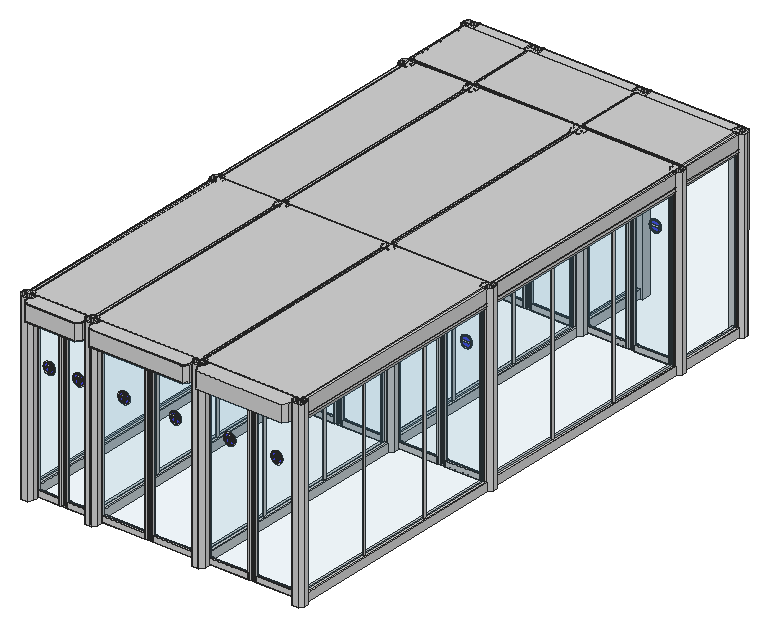
Revit family "ASSA_ABLOY_SecurityPortals_EL_Triple", category Doors, Revit 2020
Family settings
  Work Plane-Based = No
  Always vertical = Yes
  Cut with Voids When Loaded = No
  Shared = No
  Room Calculation Point = No
Parameters (values of type "EL Triple")
  Width = NominalWidth  # 979.00 mm
  Uniclass2015Version = "1.9"
  Uniclass2015Title = "High security doorsets"
  Uniclass2015Code = "Pr_30_59_24_37"
  URL = ""
  Type Comments = ""
  ThresholdStripping = no
  ThresholdRequired = no
  ThirdPassageWidth = if(Third Passage Width Input = 1, 650.00 mm, if(Third Passage Width Input = 2, 900.00 mm, if(Third Passage Width Input = 3, 1100.00 mm, if(Third Passage Width Input = 4, 1200.00 mm, 1400.00 mm))))  # 650.00 mm
  ThirdPassage = yes
  Third Passage Width Input = 1
  Thickness = 0.00 mm
  SmokeStop = no
  Size = "2365x3526x979"
  Shape = "cuboid shaped"
  Sensor = agtatec_Record_Aluminium
  SelfClosing = yes
  SecondPassageWidth = if(Second Passage Width Input = 1, 650.00 mm, if(Second Passage Width Input = 2, 900.00 mm, if(Second Passage Width Input = 3, 1100.00 mm, if(Second Passage Width Input = 4, 1200.00 mm, 1400.00 mm))))  # 1200.00 mm
  SecondPassage = yes
  Second Passage Width Input = 4
  SafetyDevices = "YES"
  Rubber = agtatec_Record_Rubber
  Row3 = ThirdPassage  # yes
  Row2 = SecondPassage  # yes
  Row1 = no
  Rough Width = NominalWidth  # 979.00 mm
  Rough Height = NominalHeight  # 500.00 mm
  PassageWidthOptions = "650/900/1100/1203"
  PassageWidthF = 0.00 mm
  PassageWidth = if(Passage Width Input = 1, 650.00 mm, if(Passage Width Input = 2, 900.00 mm, if(Passage Width Input = 3, 1100.00 mm, if(Passage Width Input = 4, 1200.00 mm, 1400.00 mm))))  # 1100.00 mm
  PassageHeight = 2100.00 mm
  Passage Width Input = 3
  PanelWidth3 = (ThirdPassageWidth / 2) + 23.10 mm  # 348.10 mm
  PanelWidth2 = (SecondPassageWidth / 2) + 23.10 mm  # 623.10 mm
  PanelWidth = (PassageWidth / 2) + 23.10 mm  # 573.10 mm
  PanelGlass = agtatec_Record_Glass
  Operation = "Automatic"
  OpeningRotationAngle = if(OpenDoor, 90.00°, 0.00°)  # 0.00°
  OpenDoor = no
  NominalWidth = 979.00 mm
  NominalLength = 3526.00 mm
  NominalHeight = 500.00 mm
  Name = "record FlipFlow Twin"
  NBSReference = "25-50-20/176"
  NBSDescription = "Sliding Doorset"
  ModelReference = "depends on the configuration"
  Model = ""
  Material = "Aluminium"
  ManufacturerURL = "www.agta-record.com"
  Manufacturer = "info@blasi.info"
  Length = 5999.839 mm
  Keynote = ""
  IsExternal = no
  IfcExportType = "Door"
  IfcExportAs = "IFCDoorStyle"
  Heightmin = 2150.00 mm  # constant formula
  Heightmax = 2300.00 mm  # constant formula
  HeightLimit = if(PassageHeight > Heightmin, if(PassageHeight < Heightmax, PassageHeight, Heightmax), Heightmin)  # 2150.00 mm
  Height = NominalHeight  # 500.00 mm
  HasDrive = yes
  HandicapAccessible = no
  GlassThickness1 = 8.20 mm
  GlassLayers = 1
  Function = Exterior
  Frames = agtatec_Record_Aluminium
  FrameMaterial = agtatec_Record_Aluminium
  FrameFinishOptions = "stainless steel finish"
  Fire Rating = ""
  Finish = "Aluminium and Glass"
  Features = "Throw-In detection"
  ElectronicLock = yes
  DoorSeal = yes
  DoorIncluded = yes
  Description = ""
  Define Thermal Properties by = Schematic Type
  Cost = 0
  Construction Type = "Automatic Sliding Door"
  Color = "RAL"
  Capacity = "up tp 2000 people / hour"
  CanopyHeight = 211.00 mm  # constant formula
  BIMObjectName = "Record_Security_FlipFlowTwin_Standalone"
  Author = "agtatec"
  Assembly Code = ""
  AntiFingerTrapRequirement = no
  Analytic Construction = "<None>"
  Alarm = agtatec_Record_Glass
  Advance = yes
Reference planes
  plane 1 "Entry": y = 0
  plane 2: z = 0
  plane 3 "Center (Left/Right)": x = 0
  plane 4 "Top": z = 2311
  plane 5 "PH": z = 2100
  plane 6: x = -550
  plane 7: x = 550
  plane 8 "Center": y = 2999.92
  plane 9: x = 573.1
  plane 10: x = -573.1
  plane 11: x = 628.05
  plane 12: x = 636.25
  plane 13: x = -628.05
  plane 14: x = -636.25
  plane 15: y = 3009.27
  plane 16: y = 2879.26
  plane 17: y = 9.35
  plane 18: y = 1922.623
  plane 19: y = 965.987
  plane 20: y = 1926.623
  plane 21: y = 1918.623
  plane 22: y = 969.987
  plane 23: y = 961.987
  plane 24: y = 17.45
  plane 25: y = 2871.16
  plane 26: y = 3017.37
  plane 27: z = 70.9
  plane 28: z = 2080.9
  plane 29: y = 3298.08
  plane 30: x = -548.75
  plane 31: y = 3203.96
  plane 32: x = -714.5
  plane 33: x = -1914.5
  plane 34: x = -1314.5
  plane 35: x = -1079
  plane 36: x = -2404
  plane 37: x = -2079
  plane 38: x = -2729
  plane 39: x = -2000.85
  plane 40: x = -1992.65
  plane 41: x = -2893.5
  plane 42: x = -2815.35
  plane 43: x = -2807.15
  plane 44: y = -20.298
  plane 45: x = -691.2
  plane 46: x = -1937.7
  plane 47: x = -1996.75
  plane 48: x = -1982.55
  plane 49: x = -1990.05
  plane 50: x = -638.325
  plane 51: x = -646.45
  plane 52: x = -2055.8
  plane 53: x = -2752.2
  plane 54: x = -589.65
  plane 55: x = -2766.465
  plane 56: x = -2041.535
  plane 57: x = -2035.65
  plane 58: x = -2002.981
  plane 59: x = -2043.25
  plane 60: x = -2764.75
  plane 61: x = -2017.572
  plane 62: x = -2797.05
  plane 63: z = 2110
  plane 64: z = 2300.414
  plane 65: x = 714.5
Forms (mm)
  Sweep 1, solid, material "agtatec_Record_Aluminium" <- "Frames"
    path origin (0, 2999.92, 0) x (1, 0, 0) y (0, 0, 1)
      loop
        line (550, 0) -> (550, 2311)
    profile origin (550, 2999.92, 1155.5) x (-1, 0, 0) y (0, -1, 0)
      loop
        line (-37.465, 128.76) -> (-69.55, 128.76) -> (-69.55, 108.76) -> (-94.75, 108.76) -> (-94.75, 128.76) -> (-127.035, 128.76) -> (-164.5, 68.803) -> (-164.5, 20.298) -> (-126.752, -17.45) -> (-43.296, -17.45) -> (-43.296, 20.296) -> (0, 20.296) -> (0, 68.803) -> (-37.465, 128.76)
      loop
        line (-93.15, 103.76) -> (-100.15, 103.76) -> (-100.15, 113.76) -> (-110.85, 113.76) -> (-110.85, 121.863) -> (-127.78, 121.863) -> (-162, 67.057) -> (-162, 65.303) -> (-144.6, 65.303) -> (-144.6, 44) -> (-121.65, 44) -> (-121.65, 53.5) -> (-84.65, 53.5) -> (-84.65, 90.06) -> (-93.15, 90.06) -> (-93.15, 103.76)
      loop
        line (-71.15, 103.76) -> (-71.15, 90.06) -> (-79.65, 90.06) -> (-79.65, 53.5) -> (-42.65, 53.5) -> (-42.65, 44) -> (-19.9, 44) -> (-19.9, 65.303) -> (-2.3, 65.303) -> (-2.3, 67.057) -> (-36.52, 121.863) -> (-53.45, 121.863) -> (-53.45, 113.76) -> (-64.15, 113.76) -> (-64.15, 103.76) -> (-71.15, 103.76)
      loop
        line (-102.6, 39) -> (-162, 39) -> (-162, 21.326) -> (-129.934, -10.74) -> (-106, -10.74) -> (-106, -7.95) -> (-102.6, -7.95) -> (-102.6, 39)
  Sweep 2, solid, material "agtatec_Record_Aluminium" <- "Frames"
    path origin (0, 2999.92, 0) x (-1, 0, 0) y (0, 0, 1)
      loop
        line (550, 0) -> (550, 2311)
    profile origin (-550, 2999.92, 1155.5) x (-1, 0, 0) y (0, -1, 0)
      loop
        line (37.465, 128.76) -> (0, 68.803) -> (0, 20.296) -> (43.296, 20.296) -> (43.296, -17.45) -> (121.004, -17.45) -> (121.004, 20.296) -> (164.5, 20.296) -> (164.5, 68.803) -> (127.035, 128.76) -> (94.75, 128.76) -> (94.75, 108.76) -> (69.55, 108.76) -> (69.55, 128.76) -> (37.465, 128.76)
      loop
        line (93.15, 103.76) -> (93.15, 90.06) -> (84.65, 90.06) -> (84.65, 53.5) -> (121.65, 53.5) -> (121.65, 44) -> (144.6, 44) -> (144.6, 65.303) -> (162, 65.303) -> (162, 67.057) -> (127.78, 121.863) -> (110.85, 121.863) -> (110.85, 113.76) -> (100.15, 113.76) -> (100.15, 103.76) -> (93.15, 103.76)
      loop
        line (71.15, 103.76) -> (64.15, 103.76) -> (64.15, 113.76) -> (53.45, 113.76) -> (53.45, 121.863) -> (36.52, 121.863) -> (2.3, 67.057) -> (2.3, 65.303) -> (19.9, 65.303) -> (19.9, 44) -> (42.65, 44) -> (42.65, 53.5) -> (79.65, 53.5) -> (79.65, 90.06) -> (71.15, 90.06) -> (71.15, 103.76)
  Extrusion 3, solid, material "agtatec_Record_Glass" <- "PanelGlass"
    sketch origin (0, 0, 0) x (1, 0, 0) y (0, 1, 0)
      loop
        line (636.25, 9.35) -> (636.25, 961.987) -> (628.05, 961.987) -> (628.05, 9.35) -> (636.25, 9.35)
      loop
        line (636.25, 2879.26) -> (628.05, 2879.26) -> (628.05, 1926.623) -> (636.25, 1926.623) -> (636.25, 2879.26)
      loop
        line (636.25, 969.987) -> (636.25, 1918.623) -> (628.05, 1918.623) -> (628.05, 969.987) -> (636.25, 969.987)
    from 70.9 to 2080.9
  Extrusion 4, solid, material "agtatec_Record_Glass" <- "PanelGlass"
    sketch origin (0, 0, 0) x (-1, 0, 0) y (0, -1, 0)
      loop
        line (636.25, -9.35) -> (628.05, -9.35) -> (628.05, -961.987) -> (636.25, -961.987) -> (636.25, -9.35)
      loop
        line (636.25, -2879.26) -> (636.25, -1926.623) -> (628.05, -1926.623) -> (628.05, -2879.26) -> (636.25, -2879.26)
      loop
        line (628.05, -969.987) -> (628.05, -1918.623) -> (636.25, -1918.623) -> (636.25, -969.987) -> (628.05, -969.987)
    from 0 to 2080.9
  Sweep 5, solid, material "agtatec_Record_Aluminium" <- "Frames"
    path origin (-3291.85, 965.987, 1200) x (1, 0, 0) y (0, 0, 1)
      loop
        line (3841.85, -1129.1) -> (3841.85, 880.9)
    profile origin (550, 965.987, 1075.9) x (-1, 0, 0) y (0, -1, 0)
      loop
        line (-77.85, -1) -> (-77.85, -15) -> (-75.85, -15) -> (-75.85, 15) -> (-77.85, 15) -> (-77.85, 1) -> (-86.45, 1) -> (-86.45, 15) -> (-88.45, 15) -> (-88.45, -15) -> (-86.45, -15) -> (-86.45, -1) -> (-77.85, -1)
  Sweep 6, solid, material "agtatec_Record_Aluminium" <- "Frames"
    path origin (-3291.85, 1922.623, 1200) x (1, 0, 0) y (0, 0, 1)
      loop
        line (3841.85, -1129.1) -> (3841.85, 880.9)
    profile origin (550, 1922.623, 1075.9) x (-1, 0, 0) y (0, -1, 0)
      loop
        line (-77.85, -1) -> (-77.85, -15) -> (-75.85, -15) -> (-75.85, 15) -> (-77.85, 15) -> (-77.85, 1) -> (-86.45, 1) -> (-86.45, 15) -> (-88.45, 15) -> (-88.45, -15) -> (-86.45, -15) -> (-86.45, -1) -> (-77.85, -1)
  Sweep 7, solid, material "agtatec_Record_Aluminium" <- "Frames"
    path origin (3291.85, 965.987, 1200) x (-1, 0, 0) y (0, 0, -1)
      loop
        line (3841.85, 1129.1) -> (3841.85, -880.9)
    profile origin (-550, 965.987, 1075.9) x (-1, 0, 0) y (0, -1, 0)
      loop
        line (77.85, -1) -> (86.45, -1) -> (86.45, -15) -> (88.45, -15) -> (88.45, 15) -> (86.45, 15) -> (86.45, 1) -> (77.85, 1) -> (77.85, 15) -> (75.85, 15) -> (75.85, -15) -> (77.85, -15) -> (77.85, -1)
  Sweep 8, solid, material "agtatec_Record_Aluminium" <- "Frames"
    path origin (3291.85, 1922.623, 1200) x (-1, 0, 0) y (0, 0, -1)
      loop
        line (3841.85, 1129.1) -> (3841.85, -880.9)
    profile origin (-550, 1922.623, 1075.9) x (-1, 0, 0) y (0, -1, 0)
      loop
        line (77.85, -1) -> (86.45, -1) -> (86.45, -15) -> (88.45, -15) -> (88.45, 15) -> (86.45, 15) -> (86.45, 1) -> (77.85, 1) -> (77.85, 15) -> (75.85, 15) -> (75.85, -15) -> (77.85, -15) -> (77.85, -1)
  Sweep 9, solid, material "agtatec_Record_Aluminium" <- "Frames"
    path origin (0, 0, 0) x (1, 0, 0) y (0, 1, 0)
      loop
        line (550, 17.45) -> (550, 2871.16)
    profile origin (550, 1444.305, 0) x (-1, 0, 0) y (0, 0, 1)
      loop
        line (-39.65, 0.9) -> (-39.65, 105.9)
        arc (-39.65, 105.9) -> (-41.114, 109.436) -> (-44.65, 110.9) r 5
        line (-44.65, 110.9) -> (-72.65, 110.9) -> (-72.65, 70.9) -> (-91.65, 70.9) -> (-91.65, 110.9) -> (-119.65, 110.9)
        arc (-119.65, 110.9) -> (-123.186, 109.436) -> (-124.65, 105.9) r 5
        line (-124.65, 105.9) -> (-124.65, 0.9) -> (-39.65, 0.9)
  Sweep 10, solid, material "agtatec_Record_Aluminium" <- "Frames"
    path origin (0, 0, 0) x (-1, 0, 0) y (0, 1, 0)
      loop
        line (550, 17.45) -> (550, 2871.16)
    profile origin (-550, 1444.305, 0) x (-1, 0, 0) y (0, 0, 1)
      loop
        line (39.65, 0.9) -> (124.65, 0.9) -> (124.65, 105.9)
        arc (124.65, 105.9) -> (123.186, 109.436) -> (119.65, 110.9) r 5
        line (119.65, 110.9) -> (91.65, 110.9) -> (91.65, 70.9) -> (72.65, 70.9) -> (72.65, 110.9) -> (44.65, 110.9)
        arc (44.65, 110.9) -> (41.114, 109.436) -> (39.65, 105.9) r 5
        line (39.65, 105.9) -> (39.65, 0.9)
  Sweep 11, solid, material "agtatec_Record_Aluminium" <- "Frames"
    path origin (0, 0, 2100) x (-1, 0, 0) y (0, -1, 0)
      loop
        line (-550, -17.45) -> (-550, -2871.16)
    profile origin (550, 1444.305, 2100) x (-1, 0, 0) y (0, 0, 1)
      loop
        line (-60.47, -28.7) -> (-39.65, 1.3) -> (-39.65, 38.1) -> (-115.65, 38.1)
        arc (-115.65, 38.1) -> (-118.125, 39.125) -> (-119.15, 41.6) r 3.5
        line (-119.15, 41.6) -> (-119.15, 105.35) -> (-46.15, 105.35) -> (-46.15, 142.35) -> (-119.15, 142.35) -> (-119.15, 206.6)
        arc (-119.15, 206.6) -> (-118.271, 208.721) -> (-116.15, 209.6) r 3
        line (-116.15, 209.6) -> (-71.15, 209.6) -> (-71.15, 211.6) -> (-116.15, 211.6)
        arc (-116.15, 211.6) -> (-119.686, 210.136) -> (-121.15, 206.6) r 5
        line (-121.15, 206.6) -> (-121.15, 41.6)
        arc (-121.15, 41.6) -> (-119.539, 37.711) -> (-115.65, 36.1) r 5.5
        line (-115.65, 36.1) -> (-115.65, 35.1) -> (-121.15, 35.1) -> (-121.15, 1.3) -> (-103.83, -28.7) -> (-92.15, -28.7) -> (-92.15, -33.1) -> (-89.15, -33.1) -> (-89.15, -19.1) -> (-75.15, -19.1) -> (-75.15, -33.1) -> (-72.15, -33.1) -> (-72.15, -28.7) -> (-60.47, -28.7)
  Sweep 12, solid, material "agtatec_Record_Aluminium" <- "Frames"
    path origin (0, 0, 2100) x (1, 0, 0) y (0, -1, 0)
      loop
        line (-550, -17.45) -> (-550, -2871.16)
    profile origin (-550, 1444.305, 2100) x (-1, 0, 0) y (0, 0, 1)
      loop
        line (60.47, -28.7) -> (72.15, -28.7) -> (72.15, -33.1) -> (75.15, -33.1) -> (75.15, -19.1) -> (89.15, -19.1) -> (89.15, -33.1) -> (92.15, -33.1) -> (92.15, -28.7) -> (103.83, -28.7) -> (121.15, 1.3) -> (121.15, 35.1) -> (115.65, 35.1) -> (115.65, 36.1)
        arc (115.65, 36.1) -> (119.539, 37.711) -> (121.15, 41.6) r 5.5
        line (121.15, 41.6) -> (121.15, 206.6)
        arc (121.15, 206.6) -> (119.686, 210.136) -> (116.15, 211.6) r 5
        line (116.15, 211.6) -> (71.15, 211.6) -> (71.15, 209.6) -> (116.15, 209.6)
        arc (116.15, 209.6) -> (118.271, 208.721) -> (119.15, 206.6) r 3
        line (119.15, 206.6) -> (119.15, 142.35) -> (46.15, 142.35) -> (46.15, 105.35) -> (119.15, 105.35) -> (119.15, 41.6)
        arc (119.15, 41.6) -> (118.125, 39.125) -> (115.65, 38.1) r 3.5
        line (115.65, 38.1) -> (43.15, 38.1) -> (43.15, 1.3) -> (60.47, -28.7)
  Extrusion 13, solid, material "agtatec_Record_Aluminium" <- "Frames"
    sketch origin (0, 0, 4.531) x (0, 1, 0) y (0, 0, 1)
      loop
        line (2999.92, 2311) -> (-16.95, 2311) -> (-16.95, 2306.469) -> (2999.92, 2306.469) -> (2999.92, 2311)
    from -628.05 to 628.05
  Extrusion 14, solid, material "agtatec_Record_Aluminium" <- "Frames"
    sketch origin (0, 0, 2100) x (-1, 0, 0) y (0, -1, 0)
      loop
        line (-589.65, 15.296) -> (-589.65, -2871.16) -> (-587.465, -2871.16) -> (-550, -2931.117) -> (-550, -2979.623) -> (550, -2979.623) -> (550, -2931.117) -> (587.465, -2871.16) -> (593.15, -2871.16) -> (593.15, 15.296) -> (-589.65, 15.296)
    from 0 to 10
  Extrusion 15, solid, material "agtatec_Record_Aluminium" <- "Frames", visible <- "Row1"
    sketch origin (-1360, -1354.92, 2311) x (-1, 0, 0) y (0, -1, 0)
      loop
        line (-826.671, -4651.125) -> (-734.45, -4558.904) -> (-734.45, -4372.289) -> (-766.9, -4372.289) -> (-766.9, -4354.839) -> (-1953.296, -4354.839) -> (-1953.296, -4372.289) -> (-1986.175, -4372.289) -> (-1986.175, -4553.279) -> (-1888.329, -4651.125) -> (-826.671, -4651.125)
    from 0 to -10.586
  Extrusion 16, solid, material "agtatec_Record_Aluminium" <- "Frames", visible <- "Row1"
    sketch origin (-1300, -2999.92, 2100) x (-1, 0, 0) y (0, -1, 0)
      loop
        line (-1928.05, -6199.579) -> (-1829.629, -6298) -> (-765.471, -6298) -> (-671.95, -6204.479) -> (-671.95, -6017.289) -> (-673.925, -6017.289) -> (-673.925, -6203.625) -> (-766.3, -6296) -> (-1828.8, -6296) -> (-1926.019, -6198.781) -> (-1926.019, -6017.289) -> (-1928.05, -6017.289) -> (-1928.05, -6199.579)
    from 0 to 211
  Extrusion 17, solid, material "agtatec_Record_Aluminium" <- "Frames", visible <- "Row1"
    sketch origin (7.603, -26.037, 2100) x (-1, 0, 0) y (0, -1, 0)
      loop
        line (556.353, -2959.202) -> (595.099, -2897.196) -> (-580.099, -2897.196) -> (-542.397, -2957.532) -> (-542.397, -3005.873) -> (-585.796, -3005.873) -> (-585.796, -3043.406) -> (-610.447, -3043.406) -> (-610.447, -3228.462) -> (-524.792, -3314.117) -> (539.792, -3314.117) -> (625.653, -3228.256) -> (625.653, -3043.406) -> (600.796, -3043.406) -> (600.796, -3005.873) -> (556.353, -3005.873) -> (556.353, -2959.202)
    from 0 to 10
  Sweep 18, solid, material "agtatec_Record_Aluminium" <- "Frames", visible <- "Row2"
    path origin (-664.5, 2999.92, 0) x (-1, 0, 0) y (0, 0, 1)
      loop
        line (1250, 0) -> (1250, 2311)
    profile origin (-1914.5, 2999.92, 1155.5) x (-1, 0, 0) y (0, -1, 0)
      loop
        line (37.465, 128.76) -> (0, 68.803) -> (0, 20.296) -> (43.296, 20.296) -> (43.296, -17.45) -> (126.752, -17.45) -> (164.5, 20.298) -> (164.5, 68.803) -> (127.035, 128.76) -> (94.75, 128.76) -> (94.75, 108.76) -> (69.55, 108.76) -> (69.55, 128.76) -> (37.465, 128.76)
      loop
        line (93.15, 103.76) -> (93.15, 90.06) -> (84.65, 90.06) -> (84.65, 53.5) -> (121.65, 53.5) -> (121.65, 44) -> (144.6, 44) -> (144.6, 65.303) -> (162, 65.303) -> (162, 67.057) -> (127.78, 121.863) -> (110.85, 121.863) -> (110.85, 113.76) -> (100.15, 113.76) -> (100.15, 103.76) -> (93.15, 103.76)
      loop
        line (71.15, 103.76) -> (64.15, 103.76) -> (64.15, 113.76) -> (53.45, 113.76) -> (53.45, 121.863) -> (36.52, 121.863) -> (2.3, 67.057) -> (2.3, 65.303) -> (19.9, 65.303) -> (19.9, 44) -> (42.65, 44) -> (42.65, 53.5) -> (79.65, 53.5) -> (79.65, 90.06) -> (71.15, 90.06) -> (71.15, 103.76)
      loop
        line (102.6, 39) -> (102.6, -7.95) -> (106, -7.95) -> (106, -10.74) -> (129.934, -10.74) -> (162, 21.326) -> (162, 39) -> (102.6, 39)
  Extrusion 19, solid, material "agtatec_Record_Glass" <- "PanelGlass", visible <- "Row2"
    sketch origin (-664.5, 0, 0) x (-1, 0, 0) y (0, -1, 0)
      loop
        line (1336.35, -9.35) -> (1328.15, -9.35) -> (1328.15, -961.987) -> (1336.35, -961.987) -> (1336.35, -9.35)
      loop
        line (1336.35, -2871.16) -> (1336.35, -1926.623) -> (1328.15, -1926.623) -> (1328.15, -2871.16) -> (1336.35, -2871.16)
      loop
        line (1328.15, -969.987) -> (1328.15, -1918.623) -> (1336.35, -1918.623) -> (1336.35, -969.987) -> (1328.15, -969.987)
    from 0 to 2080.9
  Sweep 20, solid, material "agtatec_Record_Aluminium" <- "Frames", visible <- "Row2"
    path origin (2627.45, 965.987, 1200) x (-1, 0, 0) y (0, 0, -1)
      loop
        line (4541.85, 1129.1) -> (4541.85, -880.9)
    profile origin (-1914.4, 965.987, 1075.9) x (-1, 0, 0) y (0, -1, 0)
      loop
        line (77.85, -1) -> (86.45, -1) -> (86.45, -15) -> (88.45, -15) -> (88.45, 15) -> (86.45, 15) -> (86.45, 1) -> (77.85, 1) -> (77.85, 15) -> (75.85, 15) -> (75.85, -15) -> (77.85, -15) -> (77.85, -1)
  Sweep 21, solid, material "agtatec_Record_Aluminium" <- "Frames", visible <- "Row2"
    path origin (2627.45, 1922.623, 1200) x (-1, 0, 0) y (0, 0, -1)
      loop
        line (4541.85, 1129.1) -> (4541.85, -880.9)
    profile origin (-1914.4, 1922.623, 1075.9) x (-1, 0, 0) y (0, -1, 0)
      loop
        line (77.85, -1) -> (86.45, -1) -> (86.45, -15) -> (88.45, -15) -> (88.45, 15) -> (86.45, 15) -> (86.45, 1) -> (77.85, 1) -> (77.85, 15) -> (75.85, 15) -> (75.85, -15) -> (77.85, -15) -> (77.85, -1)
  Sweep 22, solid, material "agtatec_Record_Aluminium" <- "Frames", visible <- "Row2"
    path origin (-664.5, 0, 0) x (-1, 0, 0) y (0, 1, 0)
      loop
        line (1250, 17.45) -> (1250, 2871.16)
    profile origin (-1914.5, 1444.305, 0) x (-1, 0, 0) y (0, 0, 1)
      loop
        line (39.65, 0.9) -> (124.65, 0.9) -> (124.65, 105.9)
        arc (124.65, 105.9) -> (123.186, 109.436) -> (119.65, 110.9) r 5
        line (119.65, 110.9) -> (91.65, 110.9) -> (91.65, 70.9) -> (72.65, 70.9) -> (72.65, 110.9) -> (44.65, 110.9)
        arc (44.65, 110.9) -> (41.114, 109.436) -> (39.65, 105.9) r 5
        line (39.65, 105.9) -> (39.65, 0.9)
  Sweep 23, solid, material "agtatec_Record_Aluminium" <- "Frames", visible <- "Row2"
    path origin (-664.5, 0, 2100) x (1, 0, 0) y (0, -1, 0)
      loop
        line (-1250, -17.45) -> (-1250, -2871.16)
    profile origin (-1914.5, 1444.305, 2100) x (-1, 0, 0) y (0, 0, 1)
      loop
        line (60.47, -28.7) -> (72.15, -28.7) -> (72.15, -33.1) -> (75.15, -33.1) -> (75.15, -19.1) -> (89.15, -19.1) -> (89.15, -33.1) -> (92.15, -33.1) -> (92.15, -28.7) -> (103.83, -28.7) -> (121.15, 1.3) -> (121.15, 35.1) -> (115.65, 35.1) -> (115.65, 36.1)
        arc (115.65, 36.1) -> (119.539, 37.711) -> (121.15, 41.6) r 5.5
        line (121.15, 41.6) -> (121.15, 206.6)
        arc (121.15, 206.6) -> (119.686, 210.136) -> (116.15, 211.6) r 5
        line (116.15, 211.6) -> (71.15, 211.6) -> (71.15, 209.6) -> (116.15, 209.6)
        arc (116.15, 209.6) -> (118.271, 208.721) -> (119.15, 206.6) r 3
        line (119.15, 206.6) -> (119.15, 142.35) -> (46.15, 142.35) -> (46.15, 105.35) -> (119.15, 105.35) -> (119.15, 41.6)
        arc (119.15, 41.6) -> (118.125, 39.125) -> (115.65, 38.1) r 3.5
        line (115.65, 38.1) -> (43.15, 38.1) -> (43.15, 1.3) -> (60.47, -28.7)
  Extrusion 24, solid, material "agtatec_Record_Aluminium" <- "Frames", visible <- "Row2"
    sketch origin (-664.5, 0, 4.531) x (0, 1, 0) y (0, 0, 1)
      loop
        line (2999.92, 2311) -> (-20.298, 2311) -> (-20.298, 2306.469) -> (2999.92, 2306.469) -> (2999.92, 2311)
    from -1328.15 to 28.25
  Extrusion 25, solid, material "agtatec_Record_Aluminium" <- "Frames", visible <- "Row2"
    sketch origin (-664.5, 0, 2100) x (-1, 0, 0) y (0, -1, 0)
      loop
        line (1250, -2931.117) -> (1287.465, -2871.16) -> (1293.15, -2871.16) -> (1293.15, 20.296) -> (6.85, 20.296) -> (6.85, -2871.16) -> (12.535, -2871.16) -> (50, -2931.117) -> (50, -2979.623) -> (1250, -2979.623) -> (1250, -2931.117)
    from 0 to 10
  Extrusion 26, solid, material "agtatec_Record_Aluminium" <- "Frames", visible <- "Row2"
    sketch origin (-2024.5, -1354.92, 2311) x (-1, 0, 0) y (0, -1, 0)
      loop
        line (-126.671, -4651.125) -> (-34.45, -4558.904) -> (-34.45, -4372.289) -> (-66.9, -4372.289) -> (-66.9, -4354.839) -> (-1353.296, -4354.839) -> (-1353.296, -4372.289) -> (-1386.175, -4372.289) -> (-1386.175, -4553.279) -> (-1288.329, -4651.125) -> (-126.671, -4651.125)
    from 0 to -10.586
  Extrusion 27, solid, material "agtatec_Record_Aluminium" <- "Frames", visible <- "Row2"
    sketch origin (-1964.5, -2999.92, 2100) x (-1, 0, 0) y (0, -1, 0)
      loop
        line (-1328.25, -6199.379) -> (-1229.629, -6298) -> (-65.471, -6298) -> (28.15, -6204.379) -> (28.15, -6017.289) -> (26.075, -6017.289) -> (26.075, -6203.625) -> (-66.3, -6296) -> (-1228.8, -6296) -> (-1326.019, -6198.781) -> (-1326.019, -6017.289) -> (-1328.25, -6017.289) -> (-1328.25, -6199.379)
    from 0 to 211
  Extrusion 28, solid, material "agtatec_Record_Aluminium" <- "Frames", visible <- "Row2"
    sketch origin (-656.897, -26.037, 2100) x (-1, 0, 0) y (0, -1, 0)
      loop
        line (1256.353, -2959.202) -> (1295.099, -2897.196) -> (19.901, -2897.196) -> (57.603, -2957.532) -> (57.603, -3005.873) -> (14.204, -3005.873) -> (14.204, -3043.406) -> (-10.447, -3043.406) -> (-10.447, -3228.462) -> (75.208, -3314.117) -> (1239.792, -3314.117) -> (1325.653, -3228.256) -> (1325.653, -3043.406) -> (1300.796, -3043.406) -> (1300.796, -3005.873) -> (1256.353, -3005.873) -> (1256.353, -2959.202)
    from 0 to 10
  Sweep 29, solid, material "agtatec_Record_Aluminium" <- "Frames", visible <- "Row3"
    path origin (-1329, 2999.92, 0) x (-1, 0, 0) y (0, 0, 1)
      loop
        line (1400, 0) -> (1400, 2311)
    profile origin (-2729, 2999.92, 1155.5) x (-1, 0, 0) y (0, -1, 0)
      loop
        line (37.465, 128.76) -> (0, 68.803) -> (0, 20.296) -> (43.296, 20.296) -> (43.296, -17.45) -> (126.752, -17.45) -> (164.5, 20.298) -> (164.5, 68.803) -> (127.035, 128.76) -> (94.75, 128.76) -> (94.75, 108.76) -> (69.55, 108.76) -> (69.55, 128.76) -> (37.465, 128.76)
      loop
        line (93.15, 103.76) -> (93.15, 90.06) -> (84.65, 90.06) -> (84.65, 53.5) -> (121.65, 53.5) -> (121.65, 44) -> (144.6, 44) -> (144.6, 65.303) -> (162, 65.303) -> (162, 67.057) -> (127.78, 121.863) -> (110.85, 121.863) -> (110.85, 113.76) -> (100.15, 113.76) -> (100.15, 103.76) -> (93.15, 103.76)
      loop
        line (71.15, 103.76) -> (64.15, 103.76) -> (64.15, 113.76) -> (53.45, 113.76) -> (53.45, 121.863) -> (36.52, 121.863) -> (2.3, 67.057) -> (2.3, 65.303) -> (19.9, 65.303) -> (19.9, 44) -> (42.65, 44) -> (42.65, 53.5) -> (79.65, 53.5) -> (79.65, 90.06) -> (71.15, 90.06) -> (71.15, 103.76)
      loop
        line (102.6, 39) -> (102.6, -7.95) -> (106, -7.95) -> (106, -10.74) -> (129.934, -10.74) -> (162, 21.326) -> (162, 39) -> (102.6, 39)
  Extrusion 30, solid, material "agtatec_Record_Glass" <- "PanelGlass", visible <- "Row3"
    sketch origin (-1329, 0, 0) x (-1, 0, 0) y (0, -1, 0)
      loop
        line (1486.25, -9.35) -> (1478.05, -9.35) -> (1478.05, -961.987) -> (1486.25, -961.987) -> (1486.25, -9.35)
      loop
        line (1486.25, -2879.26) -> (1486.25, -1926.623) -> (1478.05, -1926.623) -> (1478.05, -2879.26) -> (1486.25, -2879.26)
      loop
        line (1478.05, -969.987) -> (1478.05, -1918.623) -> (1486.25, -1918.623) -> (1486.25, -969.987) -> (1478.05, -969.987)
    from 0 to 2080.9
  Sweep 31, solid, material "agtatec_Record_Aluminium" <- "Frames", visible <- "Row3"
    path origin (1962.85, 965.987, 1200) x (-1, 0, 0) y (0, 0, -1)
      loop
        line (4691.85, 1129.1) -> (4691.85, -880.9)
    profile origin (-2729, 965.987, 1075.9) x (-1, 0, 0) y (0, -1, 0)
      loop
        line (77.85, -1) -> (86.45, -1) -> (86.45, -15) -> (88.45, -15) -> (88.45, 15) -> (86.45, 15) -> (86.45, 1) -> (77.85, 1) -> (77.85, 15) -> (75.85, 15) -> (75.85, -15) -> (77.85, -15) -> (77.85, -1)
  Sweep 32, solid, material "agtatec_Record_Aluminium" <- "Frames", visible <- "Row3"
    path origin (1962.85, 1922.623, 1200) x (-1, 0, 0) y (0, 0, -1)
      loop
        line (4691.85, 1129.1) -> (4691.85, -880.9)
    profile origin (-2729, 1922.623, 1075.9) x (-1, 0, 0) y (0, -1, 0)
      loop
        line (77.85, -1) -> (86.45, -1) -> (86.45, -15) -> (88.45, -15) -> (88.45, 15) -> (86.45, 15) -> (86.45, 1) -> (77.85, 1) -> (77.85, 15) -> (75.85, 15) -> (75.85, -15) -> (77.85, -15) -> (77.85, -1)
  Sweep 33, solid, material "agtatec_Record_Aluminium" <- "Frames", visible <- "Row3"
    path origin (-1329, 0, 0) x (-1, 0, 0) y (0, 1, 0)
      loop
        line (1400, 17.45) -> (1400, 2871.16)
    profile origin (-2729, 1444.305, 0) x (-1, 0, 0) y (0, 0, 1)
      loop
        line (39.65, 0.9) -> (124.65, 0.9) -> (124.65, 105.9)
        arc (124.65, 105.9) -> (123.186, 109.436) -> (119.65, 110.9) r 5
        line (119.65, 110.9) -> (91.65, 110.9) -> (91.65, 70.9) -> (72.65, 70.9) -> (72.65, 110.9) -> (44.65, 110.9)
        arc (44.65, 110.9) -> (41.114, 109.436) -> (39.65, 105.9) r 5
        line (39.65, 105.9) -> (39.65, 0.9)
  Sweep 34, solid, material "agtatec_Record_Aluminium" <- "Frames", visible <- "Row3"
    path origin (-1329, 0, 2100) x (1, 0, 0) y (0, -1, 0)
      loop
        line (-1400, -17.45) -> (-1400, -2871.16)
    profile origin (-2729, 1444.305, 2100) x (-1, 0, 0) y (0, 0, 1)
      loop
        line (60.47, -28.7) -> (72.15, -28.7) -> (72.15, -33.1) -> (75.15, -33.1) -> (75.15, -19.1) -> (89.15, -19.1) -> (89.15, -33.1) -> (92.15, -33.1) -> (92.15, -28.7) -> (103.83, -28.7) -> (121.15, 1.3) -> (121.15, 35.1) -> (115.65, 35.1) -> (115.65, 36.1)
        arc (115.65, 36.1) -> (119.539, 37.711) -> (121.15, 41.6) r 5.5
        line (121.15, 41.6) -> (121.15, 206.6)
        arc (121.15, 206.6) -> (119.686, 210.136) -> (116.15, 211.6) r 5
        line (116.15, 211.6) -> (71.15, 211.6) -> (71.15, 209.6) -> (116.15, 209.6)
        arc (116.15, 209.6) -> (118.271, 208.721) -> (119.15, 206.6) r 3
        line (119.15, 206.6) -> (119.15, 142.35) -> (46.15, 142.35) -> (46.15, 105.35) -> (119.15, 105.35) -> (119.15, 41.6)
        arc (119.15, 41.6) -> (118.125, 39.125) -> (115.65, 38.1) r 3.5
        line (115.65, 38.1) -> (43.15, 38.1) -> (43.15, 1.3) -> (60.47, -28.7)
  Extrusion 35, solid, material "agtatec_Record_Aluminium" <- "Frames", visible <- "Row3"
    sketch origin (-1329, 0, 4.531) x (0, 1, 0) y (0, 0, 1)
      loop
        line (2999.92, 2311) -> (-20.298, 2311) -> (-20.298, 2306.469) -> (2999.92, 2306.469) -> (2999.92, 2311)
    from -1478.15 to -671.85
  Extrusion 36, solid, material "agtatec_Record_Aluminium" <- "Frames", visible <- "Row3"
    sketch origin (-1329, 0, 2100) x (-1, 0, 0) y (0, -1, 0)
      loop
        line (1400, -2931.117) -> (1437.465, -2871.16) -> (1443.15, -2871.16) -> (1443.15, 20.296) -> (706.65, 20.296) -> (706.65, -2871.16) -> (712.535, -2871.16) -> (-250, -2931.117) -> (-250, -2979.623) -> (1400, -2979.623) -> (1400, -2931.117)
    from 0 to 10
  Extrusion 37, solid, material "agtatec_Record_Aluminium" <- "Frames", visible <- "Row3"
    sketch origin (-2689, -1354.92, 2311) x (-1, 0, 0) y (0, -1, 0)
      loop
        line (23.329, -4651.125) -> (118.15, -4556.304) -> (118.15, -4372.289) -> (83.1, -4372.289) -> (83.1, -4354.839) -> (-653.296, -4354.839) -> (-653.296, -4372.289) -> (-686.019, -4372.289) -> (-686.019, -4553.435) -> (-588.329, -4651.125) -> (23.329, -4651.125)
    from 0 to -10.586
  Extrusion 38, solid, material "agtatec_Record_Aluminium" <- "Frames", visible <- "Row3"
    sketch origin (-2629, -2999.92, 2100) x (-1, 0, 0) y (0, -1, 0)
      loop
        line (-628.15, -6199.479) -> (-529.629, -6298) -> (84.529, -6298) -> (178.15, -6204.379) -> (178.15, -6017.289) -> (176.075, -6017.289) -> (176.075, -6203.625) -> (83.7, -6296) -> (-528.8, -6296) -> (-626.019, -6198.781) -> (-626.019, -6017.289) -> (-628.15, -6017.289) -> (-628.15, -6199.479)
    from 0 to 211
  Extrusion 39, solid, material "agtatec_Record_Aluminium" <- "Frames", visible <- "Row3"
    sketch origin (-1321.397, -26.037, 2100) x (-1, 0, 0) y (0, -1, 0)
      loop
        line (1406.353, -2959.202) -> (1445.099, -2897.196) -> (719.901, -2897.196) -> (757.603, -2957.532) -> (757.603, -3005.873) -> (714.204, -3005.873) -> (714.204, -3043.406) -> (696.175, -3043.406) -> (696.175, -3235.084) -> (775.208, -3314.117) -> (1389.792, -3314.117) -> (1475.653, -3228.256) -> (1475.653, -3043.406) -> (1450.796, -3043.406) -> (1450.796, -3005.873) -> (1406.353, -3005.873) -> (1406.353, -2959.202)
    from 0 to 10
Cuts and joins
  joined: Sweep 11, Sweep 12, Extrusion 13
Lines and regions (mm)
  symbolic lines, detail levels fine
    curve 1: line (-660.85, 2878.057, 0) -> (-677.78, 2878.057, 0)
    curve 2: line (-677.78, 2878.057, 0) -> (-712, 2932.862, 0)
    curve 3: line (-712, 2932.862, 0) -> (-712, 2934.617, 0)
    curve 4: line (-712, 2934.617, 0) -> (-694.6, 2934.617, 0)
    curve 5: line (-694.6, 2934.617, 0) -> (-694.6, 2955.92, 0)
    curve 6: line (-694.6, 2955.92, 0) -> (-671.65, 2955.92, 0)
    curve 7: line (-671.65, 2955.92, 0) -> (-671.65, 2946.42, 0)
    curve 8: line (-671.65, 2946.42, 0) -> (-634.65, 2946.42, 0)
    curve 9: line (-634.65, 2946.42, 0) -> (-634.65, 2909.86, 0)
    curve 10: line (-634.65, 2909.86, 0) -> (-643.15, 2909.86, 0)
    curve 11: line (-643.15, 2909.86, 0) -> (-643.15, 2896.16, 0)
    curve 12: line (-643.15, 2896.16, 0) -> (-650.15, 2896.16, 0)
    curve 13: line (-650.15, 2896.16, 0) -> (-650.15, 2886.16, 0)
    curve 14: line (-650.15, 2886.16, 0) -> (-660.85, 2886.16, 0)
    curve 15: line (-660.85, 2886.16, 0) -> (-660.85, 2878.057, 0)
    curve 16: line (-552.3, 2934.617, 0) -> (-552.3, 2932.862, 0)
    curve 17: line (-569.9, 2934.617, 0) -> (-552.3, 2934.617, 0)
    curve 18: line (-552.3, 2932.862, 0) -> (-586.52, 2878.057, 0)
    curve 19: line (-569.9, 2955.92, 0) -> (-569.9, 2934.617, 0)
    curve 20: line (-592.65, 2955.92, 0) -> (-569.9, 2955.92, 0)
    curve 21: line (-592.65, 2946.42, 0) -> (-592.65, 2955.92, 0)
    curve 22: line (-586.52, 2878.057, 0) -> (-603.45, 2878.057, 0)
    curve 23: line (-603.45, 2878.057, 0) -> (-603.45, 2886.16, 0)
    curve 24: line (-603.45, 2886.16, 0) -> (-614.15, 2886.16, 0)
    curve 25: line (-614.15, 2886.16, 0) -> (-614.15, 2896.16, 0)
    curve 26: line (-614.15, 2896.16, 0) -> (-621.15, 2896.16, 0)
    curve 27: line (-621.15, 2896.16, 0) -> (-621.15, 2909.86, 0)
    curve 28: line (-621.15, 2909.86, 0) -> (-629.65, 2909.86, 0)
    curve 29: line (-629.65, 2909.86, 0) -> (-629.65, 2946.42, 0)
    curve 30: line (-629.65, 2946.42, 0) -> (-592.65, 2946.42, 0)
    curve 31: line (603.45, 2878.057, 0) -> (586.52, 2878.057, 0)
    curve 32: line (603.45, 2886.16, 0) -> (603.45, 2878.057, 0)
    curve 33: line (614.15, 2886.16, 0) -> (603.45, 2886.16, 0)
    curve 34: line (614.15, 2896.16, 0) -> (614.15, 2886.16, 0)
    curve 35: line (621.15, 2896.16, 0) -> (614.15, 2896.16, 0)
    curve 36: line (621.15, 2909.86, 0) -> (621.15, 2896.16, 0)
    curve 37: line (629.65, 2909.86, 0) -> (621.15, 2909.86, 0)
    curve 38: line (629.65, 2946.42, 0) -> (629.65, 2909.86, 0)
    curve 39: line (586.52, 2878.057, 0) -> (552.3, 2932.862, 0)
    curve 40: line (552.3, 2932.862, 0) -> (552.3, 2934.617, 0)
    curve 41: line (552.3, 2934.617, 0) -> (569.9, 2934.617, 0)
    curve 42: line (569.9, 2934.617, 0) -> (569.9, 2955.92, 0)
    curve 43: line (569.9, 2955.92, 0) -> (592.65, 2955.92, 0)
    curve 44: line (592.65, 2955.92, 0) -> (592.65, 2946.42, 0)
    curve 45: line (592.65, 2946.42, 0) -> (629.65, 2946.42, 0)
    curve 46: line (634.65, 2909.86, 0) -> (634.65, 2946.42, 0)
    curve 47: line (634.65, 2946.42, 0) -> (671.65, 2946.42, 0)
    curve 48: line (671.65, 2946.42, 0) -> (671.65, 2955.92, 0)
    curve 49: line (671.65, 2955.92, 0) -> (694.6, 2955.92, 0)
    curve 50: line (694.6, 2955.92, 0) -> (694.6, 2934.617, 0)
    curve 51: line (694.6, 2934.617, 0) -> (712, 2934.617, 0)
    curve 52: line (643.15, 2909.86, 0) -> (634.65, 2909.86, 0)
    curve 53: line (643.15, 2896.16, 0) -> (643.15, 2909.86, 0)
    curve 54: line (650.15, 2896.16, 0) -> (643.15, 2896.16, 0)
    curve 55: line (660.85, 2878.057, 0) -> (660.85, 2886.16, 0)
    curve 56: line (677.78, 2878.057, 0) -> (660.85, 2878.057, 0)
    curve 57: line (712, 2932.862, 0) -> (677.78, 2878.057, 0)
    curve 58: line (712, 2934.617, 0) -> (712, 2932.862, 0)
    curve 59: line (712, 2960.92, 0) -> (652.6, 2960.92, 0)
    curve 60: line (712, 2978.593, 0) -> (712, 2960.92, 0)
    curve 61: line (679.934, 3010.66, 0) -> (712, 2978.593, 0)
    curve 62: line (652.6, 2960.92, 0) -> (652.6, 3007.87, 0)
    curve 63: line (-638.45, 950.987, 0) -> (-636.45, 950.987, 0)
    curve 64: line (-638.45, 980.987, 0) -> (-638.45, 950.987, 0)
    curve 65: line (-636.45, 950.987, 0) -> (-636.45, 964.987, 0)
    curve 66: line (-627.85, 964.987, 0) -> (-627.85, 950.987, 0)
    curve 67: line (-636.45, 964.987, 0) -> (-627.85, 964.987, 0)
    curve 68: line (-627.85, 950.987, 0) -> (-625.85, 950.987, 0)
    curve 69: line (-625.85, 950.987, 0) -> (-625.85, 980.987, 0)
    curve 70: line (-625.85, 980.987, 0) -> (-627.85, 980.987, 0)
    curve 71: line (-636.45, 980.987, 0) -> (-638.45, 980.987, 0)
    curve 72: line (-636.45, 966.987, 0) -> (-636.45, 980.987, 0)
    curve 73: line (-627.85, 980.987, 0) -> (-627.85, 966.987, 0)
    curve 74: line (-627.85, 966.987, 0) -> (-636.45, 966.987, 0)
    curve 75: line (-638.45, 1907.623, 0) -> (-636.45, 1907.623, 0)
    curve 76: line (-636.45, 1907.623, 0) -> (-636.45, 1921.623, 0)
    curve 77: line (-636.45, 1921.623, 0) -> (-627.85, 1921.623, 0)
    curve 78: line (-627.85, 1921.623, 0) -> (-627.85, 1907.623, 0)
    curve 79: line (-627.85, 1907.623, 0) -> (-625.85, 1907.623, 0)
    curve 80: line (-625.85, 1907.623, 0) -> (-625.85, 1937.623, 0)
    curve 81: line (-638.45, 1937.623, 0) -> (-638.45, 1907.623, 0)
    curve 82: line (-627.85, 1923.623, 0) -> (-636.45, 1923.623, 0)
    curve 83: line (-636.45, 1923.623, 0) -> (-636.45, 1937.623, 0)
    curve 84: line (-627.85, 1937.623, 0) -> (-627.85, 1923.623, 0)
    curve 85: line (-625.85, 1937.623, 0) -> (-627.85, 1937.623, 0)
    curve 86: line (-636.45, 1937.623, 0) -> (-638.45, 1937.623, 0)
    curve 87: line (-644.75, -2.551, 0) -> (-644.75, 17.45, 0)
    curve 88: line (-619.55, -2.551, 0) -> (-644.75, -2.551, 0)
    curve 89: line (-619.55, 17.45, 0) -> (-619.55, -2.551, 0)
    curve 90: line (619.55, 2871.16, 0) -> (619.55, 2891.16, 0)
    curve 91: line (619.55, 2891.16, 0) -> (644.75, 2891.16, 0)
    curve 92: line (644.75, 2891.16, 0) -> (644.75, 2871.16, 0)
    curve 93: line (644.75, -2.55, 0) -> (619.55, -2.55, 0)
    curve 94: line (619.55, -2.55, 0) -> (619.55, 17.45, 0)
    curve 95: line (644.75, 17.45, 0) -> (644.75, -2.55, 0)
    curve 104: line (625.85, 950.987, 0) -> (627.85, 950.987, 0)
    curve 105: line (636.45, 950.987, 0) -> (638.45, 950.987, 0)
    curve 106: line (627.85, 950.987, 0) -> (627.85, 964.987, 0)
    curve 107: line (625.85, 980.987, 0) -> (625.85, 950.987, 0)
    curve 108: line (627.85, 964.987, 0) -> (636.45, 964.987, 0)
    curve 109: line (636.45, 966.987, 0) -> (627.85, 966.987, 0)
    curve 110: line (636.45, 964.987, 0) -> (636.45, 950.987, 0)
    curve 111: line (638.45, 950.987, 0) -> (638.45, 980.987, 0)
    curve 112: line (627.85, 966.987, 0) -> (627.85, 980.987, 0)
    curve 113: line (636.45, 980.987, 0) -> (636.45, 966.987, 0)
    curve 114: line (638.45, 980.987, 0) -> (636.45, 980.987, 0)
    curve 115: line (627.85, 980.987, 0) -> (625.85, 980.987, 0)
    curve 116: line (625.85, 1907.623, 0) -> (627.85, 1907.623, 0)
    curve 117: line (627.85, 1907.623, 0) -> (627.85, 1921.623, 0)
    curve 118: line (625.85, 1937.623, 0) -> (625.85, 1907.623, 0)
    curve 119: line (636.45, 1921.623, 0) -> (636.45, 1907.623, 0)
    curve 120: line (636.45, 1907.623, 0) -> (638.45, 1907.623, 0)
    curve 121: line (638.45, 1907.623, 0) -> (638.45, 1937.623, 0)
    curve 122: line (627.85, 1921.623, 0) -> (636.45, 1921.623, 0)
    curve 123: line (636.45, 1923.623, 0) -> (627.85, 1923.623, 0)
    curve 124: line (636.45, 1937.623, 0) -> (636.45, 1923.623, 0)
    curve 125: line (627.85, 1923.623, 0) -> (627.85, 1937.623, 0)
    curve 126: line (627.85, 1937.623, 0) -> (625.85, 1937.623, 0)
    curve 127: line (638.45, 1937.623, 0) -> (636.45, 1937.623, 0)
    curve 131: line (-636.25, 2879.26, 0) -> (-628.05, 2879.26, 0)
    curve 132: line (-636.25, 1926.623, 0) -> (-636.25, 2879.26, 0)
    curve 133: line (-628.05, 1926.623, 0) -> (-636.25, 1926.623, 0)
    curve 134: line (-628.05, 2879.26, 0) -> (-628.05, 1926.623, 0)
    curve 135: line (-636.25, 1918.623, 0) -> (-628.05, 1918.623, 0)
    curve 136: line (-636.25, 969.987, 0) -> (-636.25, 1918.623, 0)
    curve 137: line (-628.05, 969.987, 0) -> (-636.25, 969.987, 0)
    curve 138: line (-628.05, 1918.623, 0) -> (-628.05, 969.987, 0)
    curve 139: line (-636.25, 961.987, 0) -> (-628.05, 961.987, 0)
    curve 140: line (-636.25, 9.35, 0) -> (-636.25, 961.987, 0)
    curve 141: line (-628.05, 9.35, 0) -> (-636.25, 9.35, 0)
    curve 142: line (-628.05, 961.987, 0) -> (-628.05, 9.35, 0)
    curve 145: line (628.05, 9.35, 0) -> (636.25, 9.35, 0)
    curve 146: line (636.25, 9.35, 0) -> (636.25, 961.987, 0)
    curve 147: line (628.05, 961.987, 0) -> (628.05, 9.35, 0)
    curve 148: line (636.25, 961.987, 0) -> (628.05, 961.987, 0)
    curve 149: line (628.05, 969.987, 0) -> (636.25, 969.987, 0)
    curve 150: line (628.05, 1918.623, 0) -> (628.05, 969.987, 0)
    curve 151: line (636.25, 969.987, 0) -> (636.25, 1918.623, 0)
    curve 152: line (636.25, 1918.623, 0) -> (628.05, 1918.623, 0)
    curve 153: line (628.05, 1926.623, 0) -> (636.25, 1926.623, 0)
    curve 154: line (628.05, 2879.26, 0) -> (628.05, 1926.623, 0)
    curve 155: line (636.25, 1926.623, 0) -> (636.25, 2879.26, 0)
    curve 156: line (636.25, 2879.26, 0) -> (628.05, 2879.26, 0)
    curve 157: line (650.15, 2886.16, 0) -> (650.15, 2896.16, 0)
    curve 158: line (660.85, 2886.16, 0) -> (650.15, 2886.16, 0)
    curve 159: line (652.6, 3007.87, 0) -> (656, 3007.87, 0)
    curve 160: line (656, 3007.87, 0) -> (656, 3010.66, 0)
    curve 161: line (656, 3010.66, 0) -> (679.934, 3010.66, 0)
    curve 163: line (-644.75, 2871.16, 0) -> (-644.75, 2891.16, 0)
    curve 164: line (-644.75, 2891.16, 0) -> (-619.55, 2891.16, 0)
    curve 165: line (-619.55, 2891.16, 0) -> (-619.55, 2871.16, 0)
  symbolic lines, detail levels medium+fine
    curve 96: line (-636.25, 17.45, 0) -> (-674.65, 17.45, 0)
    curve 97: line (-593.296, 17.45, 0) -> (-628.05, 17.45, 0)
    curve 98: line (636.25, 2871.16, 0) -> (674.65, 2871.16, 0)
    curve 99: line (589.65, 2871.16, 0) -> (628.05, 2871.16, 0)
    curve 100: line (628.05, 17.45, 0) -> (593.296, 17.45, 0)
    curve 101: line (674.65, 17.45, 0) -> (636.25, 17.45, 0)
    curve 102: line (641.65, 2871.16, 0) -> (641.65, 17.45, 0)
    curve 103: line (622.65, 17.45, 0) -> (622.65, 2871.16, 0)
    curve 166: line (-622.65, 2871.16, 0) -> (-622.65, 17.45, 0)
    curve 167: line (-641.65, 17.45, 0) -> (-641.65, 2871.16, 0)
    curve 168: line (-628.05, 2871.16, 0) -> (-589.65, 2871.16, 0)
    curve 169: line (-674.65, 2871.16, 0) -> (-636.25, 2871.16, 0)
  symbolic lines, detail levels medium
    curve 128: line (636.25, 2871.16, 0) -> (628.05, 2871.16, 0)
    curve 143: line (-636.25, 17.45, 0) -> (-628.05, 17.45, 0)
    curve 144: line (-636.25, 2871.16, 0) -> (-628.05, 2871.16, 0)
    curve 162: line (636.25, 17.45, 0) -> (628.05, 17.45, 0)
  reference lines
    curve 129: line (-636.25, 0, 0) -> (-636.25, 3017.37, 0)
    curve 130: line (636.25, 0, 0) -> (636.25, 3017.37, 0)
  reference lines, visible <- "Row2"
    curve 170: line (-1996.75, -192.693, 0) -> (-1996.75, 3017.37, 0)
  reference lines, visible <- "Row3"
    curve 171: line (-1996.75, 509.938, 0) -> (-1996.75, 3017.37, 0)
Dimensions and locks
  "PassageHeight": plane 5 "PH" to plane 2
  "CanopyHeight": plane 4 "Top" to plane 5 "PH"
  equal spacing: plane 6, plane 3 "Center (Left/Right)", plane 7
  "PassageWidth": plane 6 to plane 7
  plane 1 "Entry" to plane 8 "Center" = 2999.92 mm
  locked: plane 7 to plane 9 at 23.1
  locked: plane 10 to plane 6 at 23.1
  locked: plane 9 to plane 11 at 54.95
  locked: plane 11 to plane 12 at 8.2
  locked: plane 10 to plane 13 at 54.95
  locked: plane 13 to plane 14 at 8.2
  plane 16 to plane 8 "Center" to plane 15 = 120.66 mm locked, 9.35 mm locked
  locked: plane 1 "Entry" to plane 17 at 9.35
  equal spacing: plane 17, plane 19, plane 18, plane 16
  locked: plane 21 to plane 18 at 4
  locked: plane 18 to plane 20 at 4
  locked: plane 23 to plane 19 at 4
  locked: plane 19 to plane 22 at 4
  locked: plane 17 to plane 24 at 8.1
  locked: plane 25 to plane 16 at 8.1
  locked: plane 15 to plane 26 at 8.1
  locked: plane 5 "PH" to plane 28 at 19.1
  locked: plane 17 to Extrusion 13 sketch curve at 26.3
  locked: plane 8 "Center" to plane 29 at 298.161
  locked: plane 6 to plane 30 at 1.25
  locked: plane 8 "Center" to plane 31 at 204.041
  locked: plane 32 to plane 30 at 165.75
  equal spacing: plane 33, plane 34, plane 32
  "SecondPassageWidth": plane 33 to plane 32
  plane 37 to plane 33 = 164.50 mm
  plane 40 to plane 33 = 78.15 mm
  plane 39 to plane 40 = 8.20 mm
  locked: plane 47 to plane 40 at 4.1
  locked: plane 32 to plane 45 at 23.3
  locked: plane 46 to plane 33 at 23.2
  locked: plane 47 to plane 48 at 14.2
  locked: plane 40 to plane 49 at 2.6
  locked: plane 50 to plane 14 at 2.075
  locked: plane 51 to plane 14 at 10.2
  equal spacing: plane 38, plane 36, plane 37
  "ThirdPassageWidth": plane 38 to plane 37
  locked: plane 41 to plane 38 at 164.5
  locked: plane 43 to plane 38 at 78.15
  locked: plane 42 to plane 43 at 8.2
  locked: plane 53 to plane 38 at 23.2
  locked: plane 37 to plane 52 at 23.2
  locked: plane 54 to plane 10 at 16.55
  locked: plane 52 to plane 56 at 14.265
  locked: plane 55 to plane 53 at 14.265
  locked: plane 57 to plane 39 at 34.8
  locked: plane 58 to plane 39 at 2.131
  locked: plane 59 to plane 56 at 1.715
  locked: plane 55 to plane 60 at 1.715
  locked: plane 43 to plane 62 at 10.1
  locked: plane 37 to plane 61 at 61.428
  locked: plane 63 to plane 5 "PH" at 10
  locked: plane 4 "Top" to plane 64 at 10.586
  locked: plane 12 to plane 65 at 78.25
  aligned and locked: level to plane 2
  aligned and locked: Extrusion 3 sketch curve to plane 17
  aligned and locked: Extrusion 3 sketch curve to plane 11
  aligned and locked: Extrusion 3 sketch curve to plane 12
  aligned and locked: Extrusion 3 sketch curve to plane 16
  aligned and locked: plane 14 to Extrusion 4 sketch curve
  aligned and locked: plane 13 to Extrusion 4 sketch curve
  aligned and locked: plane 17 to Extrusion 4 sketch curve
  aligned and locked: plane 16 to Extrusion 4 sketch curve
  aligned and locked: Extrusion 3 sketch curve to plane 23
  aligned and locked: Extrusion 3 sketch curve to plane 22
  aligned and locked: Extrusion 3 sketch curve to plane 20
  aligned and locked: Extrusion 3 sketch curve to plane 21
  aligned and locked: Extrusion 4 sketch curve to plane 23
  aligned and locked: Extrusion 4 sketch curve to plane 22
  aligned and locked: Extrusion 4 sketch curve to plane 20
  aligned and locked: Extrusion 4 sketch curve to plane 21
  aligned and locked: Sweep 9 sketch curve to plane 7
  aligned and locked: plane 25 to Sweep 9 sketch curve
  aligned and locked: plane 24 to Sweep 9 sketch curve
  aligned and locked: Extrusion 3 to plane 27
  aligned and locked: Sweep 5 sketch curve to plane 7
  aligned and locked: plane 27 to Sweep 5 sketch curve
  aligned and locked: plane 27 to Sweep 6 sketch curve
  aligned and locked: plane 28 to Sweep 5 sketch curve
  aligned and locked: plane 28 to Sweep 6 sketch curve
  aligned and locked: Sweep 6 sketch curve to plane 7
  aligned and locked: plane 28 to Extrusion 3
  aligned and locked: Sweep 7 sketch curve to plane 6
  aligned and locked: plane 27 to Sweep 7 sketch curve
  aligned and locked: plane 28 to Sweep 7 sketch curve
  aligned and locked: Sweep 8 sketch curve to plane 6
  aligned and locked: plane 27 to Sweep 8 sketch curve
  aligned and locked: plane 28 to Sweep 8 sketch curve
  aligned and locked: plane 28 to Extrusion 4
  aligned and locked: Extrusion 14 sketch curve to Sweep 2  (x2)
  aligned and locked: Extrusion 14 sketch curve to plane 25
  aligned and locked: Extrusion 14 sketch curve to Sweep 1  (x3)
  aligned and locked: Extrusion 14 sketch curve to cut or joined group of Sweep 11, Sweep 12, Extrusion 13
  aligned and locked: Extrusion 13 to plane 11
  aligned and locked: Extrusion 13 to plane 13
  aligned and locked: plane 10 to nested 1
  aligned and locked: plane 8 "Center" to nested 1
  aligned and locked: nested 2 to plane 8 "Center"
  aligned and locked: nested 2 to plane 9
  aligned and locked: curve 1 to Sweep 2
  aligned and locked: curve 2 to Sweep 2
  aligned and locked: curve 3 to Sweep 2
  aligned and locked: curve 4 to Sweep 2
  aligned and locked: curve 5 to Sweep 2
  aligned and locked: curve 6 to Sweep 2
  aligned and locked: curve 7 to Sweep 2
  aligned and locked: curve 8 to Sweep 2
  aligned and locked: curve 10 to Sweep 2
  aligned and locked: curve 11 to Sweep 2
  aligned and locked: curve 12 to Sweep 2
  aligned and locked: curve 13 to Sweep 2
  aligned and locked: curve 14 to Sweep 2
  aligned and locked: curve 15 to Sweep 2
  aligned and locked: curve 16 to Sweep 2
  aligned and locked: curve 17 to Sweep 2
  aligned and locked: curve 18 to Sweep 2
  aligned and locked: curve 19 to Sweep 2
  aligned and locked: curve 20 to Sweep 2
  aligned and locked: curve 21 to Sweep 2
  aligned and locked: curve 22 to Sweep 2
  aligned and locked: curve 23 to Sweep 2
  aligned and locked: curve 24 to Sweep 2
  aligned and locked: curve 25 to Sweep 2
  aligned and locked: curve 26 to Sweep 2
  aligned and locked: curve 27 to Sweep 2
  aligned and locked: curve 28 to Sweep 2
  aligned and locked: curve 29 to Sweep 2
  aligned and locked: curve 30 to Sweep 2
  aligned and locked: curve 31 to Sweep 1
  aligned and locked: curve 32 to Sweep 1
  aligned and locked: curve 33 to Sweep 1
  aligned and locked: curve 34 to Sweep 1
  aligned and locked: curve 35 to Sweep 1
  aligned and locked: curve 36 to Sweep 1
  aligned and locked: curve 37 to Sweep 1
  aligned and locked: curve 38 to Sweep 1
  aligned and locked: curve 39 to Sweep 1
  aligned and locked: curve 40 to Sweep 1
  aligned and locked: curve 41 to Sweep 1
  aligned and locked: curve 42 to Sweep 1
  aligned and locked: curve 43 to Sweep 1
  aligned and locked: curve 44 to Sweep 1
  aligned and locked: curve 45 to Sweep 1
  aligned and locked: curve 46 to Sweep 1
  aligned and locked: curve 47 to Sweep 1
  aligned and locked: curve 48 to Sweep 1
  aligned and locked: curve 49 to Sweep 1
  aligned and locked: curve 50 to Sweep 1
  aligned and locked: curve 51 to Sweep 1
  aligned and locked: curve 52 to Sweep 1
  aligned and locked: curve 53 to Sweep 1
  aligned and locked: curve 54 to Sweep 1
  aligned and locked: curve 55 to Sweep 1
  aligned and locked: curve 56 to Sweep 1
  aligned and locked: curve 57 to Sweep 1
  aligned and locked: curve 58 to Sweep 1
  aligned and locked: curve 59 to Sweep 1
  aligned and locked: curve 60 to Sweep 1
  aligned and locked: curve 61 to Sweep 1
  aligned and locked: curve 62 to Sweep 1
  aligned and locked: curve 63 to Sweep 7
  aligned and locked: curve 64 to Sweep 7
  aligned and locked: curve 65 to Sweep 7
  aligned and locked: curve 66 to Sweep 7
  aligned and locked: curve 67 to Sweep 7
  aligned and locked: curve 68 to Sweep 7
  aligned and locked: curve 69 to Sweep 7
  aligned and locked: curve 70 to Sweep 7
  aligned and locked: curve 71 to Sweep 7
  aligned and locked: curve 72 to Sweep 7
  aligned and locked: curve 73 to Sweep 7
  aligned and locked: curve 74 to Sweep 7
  aligned and locked: curve 75 to Sweep 8
  aligned and locked: curve 76 to Sweep 8
  aligned and locked: curve 77 to Sweep 8
  aligned and locked: curve 78 to Sweep 8
  aligned and locked: curve 79 to Sweep 8
  aligned and locked: curve 80 to Sweep 8
  aligned and locked: curve 81 to Sweep 8
  aligned and locked: curve 82 to Sweep 8
  aligned and locked: curve 83 to Sweep 8
  aligned and locked: curve 84 to Sweep 8
  aligned and locked: curve 85 to Sweep 8
  aligned and locked: curve 86 to Sweep 8
  aligned and locked: curve 90 to Sweep 1
  aligned and locked: curve 91 to Sweep 1
  aligned and locked: curve 92 to Sweep 1
  aligned and locked: Sweep 10 to curve 96
  aligned and locked: Sweep 10 to curve 97
  aligned and locked: curve 98 to Sweep 9
  aligned and locked: curve 99 to Sweep 9
  aligned and locked: Sweep 9 to curve 100
  aligned and locked: Sweep 9 to curve 101
  aligned and locked: curve 102 to Sweep 9
  aligned and locked: curve 103 to Sweep 9
  aligned and locked: curve 104 to Sweep 5
  aligned and locked: curve 105 to Sweep 5
  aligned and locked: curve 106 to Sweep 5
  aligned and locked: curve 107 to Sweep 5
  aligned and locked: curve 108 to Sweep 5
  aligned and locked: curve 109 to Sweep 5
  aligned and locked: curve 110 to Sweep 5
  aligned and locked: curve 111 to Sweep 5
  aligned and locked: curve 112 to Sweep 5
  aligned and locked: curve 113 to Sweep 5
  aligned and locked: curve 114 to Sweep 5
  aligned and locked: curve 115 to Sweep 5
  aligned and locked: curve 116 to Sweep 6
  aligned and locked: curve 117 to Sweep 6
  aligned and locked: curve 118 to Sweep 6
  aligned and locked: curve 119 to Sweep 6
  aligned and locked: curve 120 to Sweep 6
  aligned and locked: curve 121 to Sweep 6
  aligned and locked: curve 122 to Sweep 6
  aligned and locked: curve 123 to Sweep 6
  aligned and locked: curve 124 to Sweep 6
  aligned and locked: curve 125 to Sweep 6
  aligned and locked: curve 126 to Sweep 6
  aligned and locked: curve 127 to Sweep 6
  aligned and locked: plane 14 to curve 129
  aligned and locked: curve 130 to plane 12
  aligned and locked: plane 20 to Extrusion 4
  aligned and locked: plane 13 to Extrusion 4
  aligned and locked: Extrusion 4 to plane 16
  aligned and locked: plane 25 to curve 144
  aligned and locked: curve 134 to plane 13
  aligned and locked: Extrusion 4 to plane 14
  aligned and locked: plane 16 to curve 131
  aligned and locked: plane 14 to curve 132
  aligned and locked: curve 133 to plane 20
  aligned and locked: plane 21 to curve 135
  aligned and locked: plane 14 to curve 136
  aligned and locked: curve 138 to plane 13
  aligned and locked: curve 137 to plane 22
  aligned and locked: plane 23 to curve 139
  aligned and locked: curve 142 to plane 13
  aligned and locked: plane 14 to curve 140
  aligned and locked: curve 141 to plane 17
  aligned and locked: plane 24 to curve 143
  aligned and locked: plane 17 to curve 145
  aligned and locked: plane 11 to curve 147
  aligned and locked: curve 146 to plane 12
  aligned and locked: plane 22 to curve 149
  aligned and locked: curve 151 to plane 12
  aligned and locked: plane 11 to curve 150
  aligned and locked: curve 148 to plane 23
  aligned and locked: plane 20 to curve 153
  aligned and locked: curve 155 to plane 12
  aligned and locked: plane 11 to curve 154
  aligned and locked: curve 156 to plane 16
  aligned and locked: curve 157 to Sweep 1
  aligned and locked: curve 158 to Sweep 1
  aligned and locked: curve 159 to Sweep 1
  aligned and locked: curve 160 to Sweep 1
  aligned and locked: curve 161 to Sweep 1
  aligned and locked: curve 162 to plane 24
  aligned and locked: curve 163 to Sweep 2
  aligned and locked: curve 164 to Sweep 2
  aligned and locked: curve 165 to Sweep 2
  aligned and locked: curve 166 to Sweep 10
  aligned and locked: curve 167 to Sweep 10
  aligned and locked: curve 168 to Sweep 2
  aligned and locked: Sweep 2 to curve 169
  aligned and locked: plane 14 to curve 169
  aligned and locked: plane 13 to curve 168
  aligned and locked: plane 8 "Center" to Extrusion 13 sketch curve
  aligned and locked: Extrusion 17 sketch curve to plane 25
  aligned and locked: Extrusion 17 sketch curve to plane 30
  aligned and locked: plane 7 to Extrusion 17 sketch curve
  aligned and locked: Extrusion 17 sketch curve to plane 26  (x2)
  aligned and locked: Extrusion 16 sketch curve to plane 29
  aligned and locked: Extrusion 16 sketch curve to plane 11
  aligned and locked: Extrusion 16 sketch curve to plane 13
